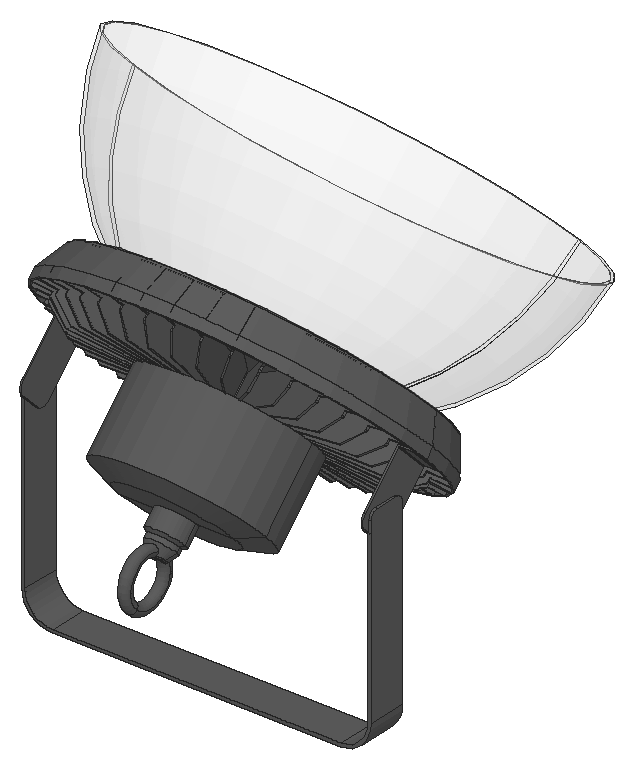
Revit family "0039367+0039355+0039361 Sylvania Lighting Fixture START HighBay IP65 DALI 26000lm 840 WB with BRACKET and PC LAMPSHADE TRANSPARENT FOR 26KLM", category Lighting Fixtures, host Face, Revit 2016
Family settings
  Host = Face
  Part Type = Normal
  Round Connector Dimension = Use Diameter
  OmniClass Number = 23.80.70.00
  OmniClass Title = Lighting
  Cut with Voids When Loaded = No
  Light Source = No
  Shared = No
  Room Calculation Point = No
Parameters (values of type "0039367+0039355+0039361  START HighBay IP65 DALI 26000lm 840 WB with BRACKET and PC LAMPSHADE TRANSPARENT FOR 26KLM")
  Weight = "3.7 kg"
  Wattage Comments = ""
  WarrantyStartDate [instance] = "n/a"
  WarrantyGuarantorParts = "n/a"
  WarrantyDurationUnit = "n/a"
  WarrantyDurationParts = "n/a"
  WarrantyDescription = "n/a"
  Voltage = 0 V
  URL = "http://www.sylvania-lighting.com"
  TypeName = "START HighBay IP65 DALI 26000lm 840 WB with BRACKET and PC LAMPSHADE TRANSPARENT FOR 26KLM"
  TypeHead_FEILO = Start LED Highbay DALI Head : 0039367+0039355+0039361 START HighBay IP65 DALI 26000lm 840 WB with BRACKET and PC LAMPSHADE TRANSPARENT FOR 26KLM
  Type Image = <None>
  Type Comments = "n/a"
  TiltAngle_FEILO [instance] = 45.00°
  ThicknessBracketPlate_FEILO = 3 mm
  SizeBracketS_FEILO = no
  SizeBracketM_FEILO = no
  SerialNumber [instance] = "n/a"
  RadiusBracketTop_FEILO = 7 mm
  RadiusBendOut_FEILO = if(SizeBracketS_FEILO, 18 mm, if(SizeBracketM_FEILO, 24 mm, 28 mm))  # 28 mm
  RadiusBendIn_FEILO = RadiusBendOut_FEILO - ThicknessBracketPlate_FEILO  # 25 mm
  Material_3_FEILO = none
  PowerFactor = 0.95
  PowerConsumption = "190 W"
  NominalLength = 339 mm
  NominalHeight = 189 mm
  NominalDepth = 339 mm
  Name = "START HighBay IP65 DALI 26000lm 840 WB with BRACKET and PC LAMPSHADE TRANSPARENT FOR 26KLM"
  ModelReference = Name  # "START HighBay IP65 DALI 26000lm 840 WB with BRACKET and PC LAMPSHADE TRANSPARENT FOR 26KLM"
  ModelNumber = "0039367+0039355+0039361"
  Model = Name  # "START HighBay IP65 DALI 26000lm 840 WB with BRACKET and PC LAMPSHADE TRANSPARENT FOR 26KLM"
  Material = "aluminium alloy housing, polycarbonate diffuser"
  ManufacturerName = "Feilo Sylvania"
  Manufacturer = "Feilo Sylvania"
  LuminousEfficacy = "130 lm/W"
  LuminaireType = ""
  LightOutputRatio = "n/a"
  LampsType = Lamp  # "LED"
  LampNominalLuminous = "24700 lm"
  LampMacAdamStep = "6"
  LampColourTemperature = "6500 K"
  LampColourRenderingIndex = "80"
  Lamp = "LED"
  Keynote = "16500"
  InstallationDate [instance] = "n/a"
  InputVoltage = "n/a"
  InputNominalFrequency = "50/60 Hz"
  IngressProtection = "IP65"
  ImpactProtectionIndex = "IK08"
  IfcExportType = "IfcLightFixtureType"
  IfcExportAs = "IfcLightFixtureType"
  ExpectedLife = 50000
  EndAngle_FEILO [instance] = TiltAngle_FEILO + 180.00°  # 225.00°
  ElectricShockClassification = "Class I"
  DurationUnit = "hours"
  DocumentationLiterature = "http://www.sylvania-lighting.com/product/en-int/products/0039367"
  DimmingControlOptions = "Dimmable"
  Material_2_FEILO = none
  Description = "START Highbay, includes 1 m cables, black aluminium housing, 24,700 Lm, 190 W, 130 Lm/W, 6500 K, drive current: 4100 mA, CRI 80, 90° beam angle, DALI dimmable, IP65, IK08, 50,000 hrs (L80/B50), (D x H) 339 x 189 mm."
  Default Elevation = 1219.2 mm
  CreatedOn = "5/15/2018"
  CreatedBy = "aron.fodor@sylvania-lighting.com"
  Cost = 0
  built-in parameter 1114216 [instance] = (empty or 0)
  ClassificationValue = "EF_70_80"
  ClassificationName = "Uniclass2015"
  Material_1_FEILO = Body-Sylvania-StartHighbay-Black
  BracketHeight_FEILO = if(SizeBracketS_FEILO, 199.5 mm, if(SizeBracketM_FEILO, 209.6 mm, 201.3 mm))  # 201.3 mm
  BracketDistanceInner_FEILO = if(SizeBracketS_FEILO, 249.4 mm, if(SizeBracketM_FEILO, 273.6 mm, 313.2 mm))  # 313.2 mm
  BarCode [instance] = "n/a"
  AssetType = "Fixed"
  AssetIdentifier [instance] = "n/a"
  Assembly Code = "D5020200"
  Apparent Load = 190 VA
  Material_4_FEILO = none
Reference planes
  plane 1 "Center (Front/Back)": y = 0
  plane 2: z = 0
  plane 3 "Center (Left/Right)": x = 0
  plane 4: x = -159.6
  plane 5: x = 159.6
  plane 6: z = 201.3
  plane 7: x = -156.6
  plane 8: z = 3
  plane 9: x = 156.6
  plane 10: y = 17.5
  plane 11: y = -17.5
  plane 12: y = -19.5
  plane 13: z = 203.3
  plane 14: y = 19.5
  plane 15: z = 192.3
Forms (mm)
  Extrusion 1, solid, material "Body-Sylvania-StartHighbay-Black" <- "Material_1_FEILO"
    sketch origin (0, 0, 0) x (1, 0, 0) y (0, 0, 1)
      loop
        line (-159.6, 201.3) -> (-159.6, 28)
        arc (-159.6, 28) -> (-151.399, 8.201) -> (-131.6, 0) r 28
        line (-131.6, 0) -> (131.6, 0)
        arc (131.6, 0) -> (151.399, 8.201) -> (159.6, 28) r 28
        line (159.6, 28) -> (159.6, 201.3) -> (156.6, 201.3) -> (156.6, 28)
        arc (156.6, 28) -> (149.278, 10.322) -> (131.6, 3) r 25
        line (131.6, 3) -> (-131.6, 3)
        arc (-131.6, 3) -> (-149.278, 10.322) -> (-156.6, 28) r 25
        line (-156.6, 28) -> (-156.6, 201.3) -> (-159.6, 201.3)
    from -17.5 to 17.5
  Extrusion 2, void
    sketch origin (0, 0, 0) x (0, 1, 0) y (0, 0, 1)
      loop
        arc (10.5, 201.3) -> (15.45, 199.25) -> (17.5, 194.3) r 7
        line (17.5, 194.3) -> (19.5, 194.3) -> (19.5, 203.3) -> (-19.5, 203.3) -> (-19.5, 194.3) -> (-17.5, 194.3)
        arc (-17.5, 194.3) -> (-15.45, 199.25) -> (-10.5, 201.3) r 7
        line (-10.5, 201.3) -> (10.5, 201.3)
    from -159.6 to 159.6
  Revolve 3, solid, not visible
    sketch origin (1223.4, -4572, 192.3) x (0, -1, 0) y (1, 0, 0)
      loop
        line (-4572, -1223.4) -> (-4591.5, -1223.4) -> (-4591.5, -1277.783) -> (-4572, -1277.783) -> (-4572, -1223.4)
      axis (-4572, -1223.4) -> (-4572, -1277.783)
    angle from 45 <- "TiltAngle_FEILO" to 225 <- "EndAngle_FEILO"
Cuts and joins
  Extrusion 2 cuts Extrusion 1
Dimensions and locks
  "BracketHeight_FEILO": plane 6 to plane 2
  equal spacing: plane 11, plane 1 "Center (Front/Back)", plane 10
  locked: plane 11 to plane 10 at 35
  equal spacing: plane 9, plane 3 "Center (Left/Right)", plane 7
  "BracketDistanceInner_FEILO": plane 9 to plane 7
  "ThicknessBracketPlate_FEILO": plane 7 to plane 4
  "ThicknessBracketPlate_FEILO": plane 8 to plane 2
  equal spacing: plane 5, plane 3 "Center (Left/Right)", plane 4
  equal spacing: plane 12, plane 1 "Center (Front/Back)", plane 14
  locked: plane 6 to plane 13 at 2
  locked: plane 12 to plane 11 at 2
  locked: plane 6 to plane 15 at 9
  "RadiusBendOut_FEILO": radius of Extrusion 1 sketch curve  (x2)
  "RadiusBendIn_FEILO": radius of Extrusion 1 sketch curve  (x2)
  "RadiusBracketTop_FEILO": radius of Extrusion 2 sketch curve  (x2)
  aligned and locked: plane 2 to host face
  aligned and locked: level to host face
  aligned and locked: Extrusion 1 sketch curve to plane 4
  aligned and locked: Extrusion 1 sketch curve to level
  aligned and locked: plane 6 to Extrusion 1 sketch curve
  aligned and locked: Extrusion 1 sketch curve to plane 6
  aligned and locked: Extrusion 1 sketch curve to plane 7
  aligned and locked: plane 9 to Extrusion 1 sketch curve
  aligned and locked: plane 8 to Extrusion 1 sketch curve
  aligned and locked: Extrusion 1 to plane 10
  aligned and locked: plane 11 to Extrusion 1
  aligned and locked: Extrusion 1 to Extrusion 2 sketch curve
  aligned and locked: plane 14 to Extrusion 2 sketch curve  (x2)
  aligned and locked: Extrusion 2 sketch curve to plane 12
  aligned and locked: plane 13 to Extrusion 2 sketch curve
  aligned and locked: plane 5 to Extrusion 2
  aligned and locked: Extrusion 2 to plane 4
  aligned and locked: Revolve 3 sketch curve to plane 1 "Center (Front/Back)"
  aligned and locked: Revolve 3 sketch curve to Revolve 3 sketch curve
  aligned and locked: plane 3 "Center (Left/Right)" to Revolve 3 sketch curve
  aligned and locked: Revolve 3 sketch curve to plane 14
  aligned and locked: nested 1 to plane 3 "Center (Left/Right)"
Automatic sketch dimensions
  host sketch curve to host sketch curve = 2438.4 mm  (x2)
  Revolve 3 sketch curve to Revolve 3 sketch curve = 54.383 mm
  Revolve 3 sketch curve to plane 4 = 1396.3 mm
  plane 5 to Revolve 3 sketch curve = 1396.3 mm
  Extrusion 1 sketch curve to Extrusion 1 sketch curve = 0 mm
  Extrusion 2 sketch curve to plane 11 = 0 mm
  Extrusion 2 sketch curve to plane 10 = 0 mm
Nested families
  nested 1: "Start LED Highbay DALI Head" at (0, 0, 192.3) x (-1, 0, 0) z (0, 0.7071, 0.7071), type <- "TypeHead_FEILO", type "0039367+0039355+0039361 START HighBay IP65 DALI 26000lm 840 WB with BRACKET and PC LAMPSHADE TRANSPARENT FOR 26KLM"
    with built-in parameter 1114216 (empty or 0)
Connectors
  electrical at (0, 0, 0), driven by "Apparent Load", driven by "PowerFactor", driven by "Voltage"
    settings: index 1, voltage 0 V, apparent load 190 VA, apparent load phase1 0 VA, apparent load phase2 0 VA, apparent load phase3 0 VA, power factor 0.95, load classification "Lighting", number of poles 1, system type 30, power factor state 1, is connector primary yes, connector utility no, sub classification motor no, connector description ""
Definition of nested family "Start LED Highbay DALI Head"
  Parameters (values of type "0039367+0039355+0039361 START HighBay IP65 DALI 26000lm 840 WB with BRACKET and PC LAMPSHADE TRANSPARENT FOR 26KLM")
    X_FEILO = if(SizeS_FEILO, 60.3 mm, if(SizeM_FEILO, 70.4 mm, 83.5 mm))  # 83.5 mm
    WidthStraight_FEILO = if(SizeS_FEILO, 3 mm, if(SizeM_FEILO, 4 mm, 4.7 mm))  # 4.7 mm
    WidthRingChamfer_FEILO = if(SizeS_FEILO, 10.3 mm, if(SizeM_FEILO, 11.2 mm, 12.9 mm))  # 12.9 mm
    WidthCurved_FEILO = if(SizeS_FEILO, 17.4 mm, if(SizeM_FEILO, 16.4 mm, 26.2 mm))  # 26.2 mm
    WidthCurvedRing_FEILO = if(SizeS_FEILO, 3 mm, if(SizeM_FEILO, 4 mm, 4.7 mm))  # 4.7 mm
    WidthBracket_FEILO = 40 mm
    Wattage Comments = ""
    Wattage = 190 W
    built-in parameter 1150110 = 1 (stored number, unit not read)
    URL = "http://www.sylvania-lighting.com"
    Type Image = (empty or 0)
    Type Comments = "n/a"
    built-in parameter 1114217 = 1 (stored number, unit not read)
    Tilt Angle = -90.00°
    ThicknessWall_FEILO = 1.5 mm
    ThicknessBracket_FEILO = 1.5 mm
    ThicknessBracketHalf_FEILO = ThicknessBracket_FEILO / 2  # 0.75 mm
    built-in parameter 1150109 = 1 (stored number, unit not read)
    built-in parameter 1150134 = 1
    built-in parameter 1150113 = 1 (stored number, unit not read)
    SizeS_FEILO = no
    SizeM_FEILO = no
    ShadeThickness_FEILO = 3 mm
    ShadeSizeSM_FEILO = or(SizeS_FEILO, SizeM_FEILO)  # no
    ShadeRadiusOut_FEILO = 205 mm
    ShadeRadiusIn_FEILO = if(ShadeSizeSM_FEILO, 95 mm, 121 mm)  # 121 mm
    ShadeRadiusBend_FEILO = if(ShadeSizeSM_FEILO, 210 mm, 210 mm)  # 210 mm
    ShadeOn_FEILO = yes
    ShadeHeight_FEILO = if(ShadeSizeSM_FEILO, 120 mm, 151 mm)  # 151 mm
    Rib4_FEILO = if(SizeS_FEILO, 18.1 mm, if(SizeM_FEILO, 13.6 mm, 14.6 mm))  # 14.6 mm
    Rib3_FEILO = if(SizeS_FEILO, 15.3 mm, if(SizeM_FEILO, 17.6 mm, 20.2 mm))  # 20.2 mm
    Rib2_FEILO = if(SizeS_FEILO, 3.6 mm, if(SizeM_FEILO, 3.9 mm, 4.5 mm))  # 4.5 mm
    Rib1_FEILO = if(SizeS_FEILO, 15.1 mm, if(SizeM_FEILO, 16.5 mm, 19 mm))  # 19 mm
    RadiusDiffuser_FEILO = if(SizeS_FEILO, 95.2 mm, if(SizeM_FEILO, 105.3 mm, 120 mm))  # 120 mm
    RadiusArrayPost_FEILO = DriverRadius_FEILO - 6 mm  # 70.4 mm
    RHRadius3_FEILO = if(SizeS_FEILO, 6.6 mm, if(SizeM_FEILO, 7.4 mm, 8.6 mm))  # 8.6 mm
    RHRadius2_FEILO = if(SizeS_FEILO, 11 mm, if(SizeM_FEILO, 12 mm, 14 mm))  # 14 mm
    RHRadius1_FEILO = if(SizeS_FEILO, 13.6 mm, if(SizeM_FEILO, 14.9 mm, 17.7 mm))  # 17.7 mm
    RHHeight4_FEILO = if(SizeS_FEILO, 7.3 mm, if(SizeM_FEILO, 8 mm, 9.2 mm))  # 9.2 mm
    RHHeight3_FEILO = if(SizeS_FEILO, 3.6 mm, if(SizeM_FEILO, 3.7 mm, 4.6 mm))  # 4.6 mm
    RHHeight2_FEILO = if(SizeS_FEILO, 2 mm, if(SizeM_FEILO, 2.2 mm, 2.6 mm))  # 2.6 mm
    RHHeight1_FEILO = if(SizeS_FEILO, 11.8 mm, if(SizeM_FEILO, 15.3 mm, 17.4 mm))  # 17.4 mm
    Photometric Web File = "0039367+0039361.ies"
    Material_5_FEILO = none
    Material_3_FEILO = none
    Model = "START HighBay IP65 DALI 26000lm 840 WB with BRACKET and PC LAMPSHADE TRANSPARENT FOR 26KLM"
    Manufacturer = "Feilo Sylvania"
    built-in parameter 1150105 = 33385.3 (stored number, unit not read)
    Lumens = 24700 lm
    built-in parameter 1150115 = 1 (stored number, unit not read)
    built-in parameter 1150137 = (empty or 0)
    built-in parameter 1150139 = (empty or 0)
    built-in parameter 1150112 = 1 (stored number, unit not read)
    built-in parameter 1150114 = 1 (stored number, unit not read)
    Lamp = "LED"
    Keynote = "16500"
    built-in parameter 1150132 = (empty or 0)
    built-in parameter 1150102 = (empty or 0)
    built-in parameter 1150107 = 6500 (stored number, unit not read)
    built-in parameter 1150138 = (empty or 0)
    built-in parameter 1150106 = 333.85 (stored number, unit not read)
    HeightRing_FEILO = if(SizeS_FEILO, 19.8 mm, if(SizeM_FEILO, 32 mm, 36.8 mm))  # 36.8 mm
    HeightRingChamfer_FEILO = if(SizeS_FEILO, 11.7 mm, if(SizeM_FEILO, 23.2 mm, 26.6 mm))  # 26.6 mm
    EyeThickness_FEILO = if(SizeS_FEILO, 8.4 mm, if(SizeM_FEILO, 9.2 mm, 10.5 mm))  # 10.5 mm
    EyeThicknessHalf_FEILO = EyeThickness_FEILO / 2  # 5.25 mm
    EyeInner_FEILO = if(SizeS_FEILO, 13.8 mm, if(SizeM_FEILO, 15.1 mm, 17.3 mm))  # 17.3 mm
    Emit from Circle Diameter = RadiusDiffuser_FEILO * 2  # 240 mm
    Emit Shape Visible in Rendering = no
    built-in parameter 1150104 = 12.077 (stored number, unit not read)
    DriverVerticalStraight_FEILO = if(SizeS_FEILO, 46.5 mm, if(SizeM_FEILO, 49.7 mm, 57 mm))  # 57 mm
    DriverVerticalChamfer_FEILO = if(SizeS_FEILO, 7.5 mm, if(SizeM_FEILO, 8.2 mm, 9.5 mm))  # 9.5 mm
    DriverRadius_FEILO = if(SizeS_FEILO, 61.4 mm, if(SizeM_FEILO, 67.2 mm, 76.4 mm))  # 76.4 mm
    DriverRadiusTop_FEILO = if(SizeS_FEILO, 42 mm, if(SizeM_FEILO, 45.3 mm, 52.4 mm))  # 52.4 mm
    DriverBottom_FEILO = if(SizeS_FEILO, 56 mm, if(SizeM_FEILO, 64.5 mm, 74 mm))  # 74 mm
    Material_2_FEILO = none
    Radius_FEILO = if(SizeS_FEILO, 135 mm, if(SizeM_FEILO, 148 mm, 169.5 mm))  # 169.5 mm
    Dimming Lamp Color Temperature Shift = (empty or 0)
    DiameterWire_FEILO = 3 mm
    DiameterWireSupport_FEILO = 10 mm
    Description = "START Highbay, includes 1 m cables, black aluminium housing, 24,700 Lm, 190 W, 130 Lm/W, 6500 K, drive current: 4100 mA, CRI 80, 90° beam angle, DALI dimmable, IP65, IK08, 50,000 hrs (L80/B50), (D x H) 339 x 189 mm."
    Default Elevation = 1219.2 mm
    Cost = 0
    Color Filter = 16777215
    built-in parameter 1114216 [instance] = (empty or 0)
    Material_1_FEILO = none
    built-in parameter 1114218 = 1 (stored number, unit not read)
    built-in parameter 1150133 = 10 (stored number, unit not read)
    Assembly Code = "D5020200"
    Apparent Load = 190 VA
    Material_4_FEILO = none
  Types (24, lengths in mm): name | X_FEILO | WidthStraight_FEILO | WidthRingChamfer_FEILO | WidthCurved_FEILO | WidthCurvedRing_FEILO | Wattage | built-in parameter 1150134 | SizeS_FEILO | SizeM_FEILO | ShadeSizeSM_FEILO | ShadeRadiusIn_FEILO | ShadeOn_FEILO | ShadeHeight_FEILO | Rib4_FEILO | Rib3_FEILO | Rib2_FEILO | Rib1_FEILO | RadiusDiffuser_FEILO | RadiusArrayPost_FEILO | RHRadius3_FEILO | RHRadius2_FEILO | RHRadius1_FEILO | RHHeight4_FEILO | RHHeight3_FEILO | RHHeight2_FEILO | RHHeight1_FEILO | Photometric Web File | Model | built-in parameter 1150105 | Lumens | built-in parameter 1150107 | built-in parameter 1150106 | HeightRing_FEILO | HeightRingChamfer_FEILO | EyeThickness_FEILO | EyeThicknessHalf_FEILO | EyeInner_FEILO | Emit from Circle Diameter | DriverVerticalStraight_FEILO | DriverVerticalChamfer_FEILO | DriverRadius_FEILO | DriverRadiusTop_FEILO | DriverBottom_FEILO | Radius_FEILO | Description | Apparent Load
    0039367+0039355+0039361 START HighBay IP65 DALI 26000lm 840 WB with BRACKET and PC LAMPSHADE TRANSPARENT FOR 26KLM | 83.5 | 4.7 | 12.9 | 26.2 | 4.7 | 190 W | 1 | no | no | no | 121 | yes | 151 | 14.6 | 20.2 | 4.5 | 19 | 120 | 70.4 | 8.6 | 14 | 17.7 | 9.2 | 4.6 | 2.6 | 17.4 | "0039367+0039361.ies" | "START HighBay IP65 DALI 26000lm 840 WB with BRACKET and PC LAMPSHADE TRANSPARENT FOR 26KLM" | 33385.3 (stored number, unit not read) | 24700 lm | 6500 (stored number, unit not read) | 333.85 (stored number, unit not read) | 36.8 | 26.6 | 10.5 | 5.25 | 17.3 | 240 | 57 | 9.5 | 76.4 | 52.4 | 74 | 169.5 | "START Highbay, includes 1 m cables, black aluminium housing, 24,700 Lm, 190 W, 130 Lm/W, 6500 K, drive current: 4100 mA, CRI 80, 90° beam angle, DALI dimmable, IP65, IK08, 50,000 hrs (L80/B50), (D x H) 339 x 189 mm." | 190 VA
    0039367+0039355+0039360 START HighBay IP65 DALI 26000lm 840 WB with BRACKET and ALU SHADE BLACK COLOR FOR 26KLM | 83.5 | 4.7 | 12.9 | 26.2 | 4.7 | 190 W | 1 | no | no | no | 121 | yes | 151 | 14.6 | 20.2 | 4.5 | 19 | 120 | 70.4 | 8.6 | 14 | 17.7 | 9.2 | 4.6 | 2.6 | 17.4 | "0039367+0039360.ies" | "START HighBay IP65 DALI 26000lm 840 WB with BRACKET and ALU SHADE BLACK COLOR FOR 26KLM" | 33569.2 (stored number, unit not read) | 24700 lm | 6500 (stored number, unit not read) | 335.69 (stored number, unit not read) | 36.8 | 26.6 | 10.5 | 5.25 | 17.3 | 240 | 57 | 9.5 | 76.4 | 52.4 | 74 | 169.5 | "START Highbay, includes 1 m cables, black aluminium housing, 24,700 Lm, 190 W, 130 Lm/W, 6500 K, drive current: 4100 mA, CRI 80, 90° beam angle, DALI dimmable, IP65, IK08, 50,000 hrs (L80/B50), (D x H) 339 x 189 mm." | 190 VA
    0039367+0039355+0039359 START HighBay IP65 DALI 26000lm 840 WB with BRACKET and ALU SHADE ALU COLOR FOR 26KLM | 83.5 | 4.7 | 12.9 | 26.2 | 4.7 | 190 W | 1 | no | no | no | 121 | yes | 151 | 14.6 | 20.2 | 4.5 | 19 | 120 | 70.4 | 8.6 | 14 | 17.7 | 9.2 | 4.6 | 2.6 | 17.4 | "0039367+0039359.ies" | "START HighBay IP65 DALI 26000lm 840 WB with BRACKET and ALU SHADE ALU COLOR FOR 26KLM" | 33569.2 (stored number, unit not read) | 24700 lm | 6500 (stored number, unit not read) | 335.69 (stored number, unit not read) | 36.8 | 26.6 | 10.5 | 5.25 | 17.3 | 240 | 57 | 9.5 | 76.4 | 52.4 | 74 | 169.5 | "START Highbay, includes 1 m cables, black aluminium housing, 24,700 Lm, 190 W, 130 Lm/W, 6500 K, drive current: 4100 mA, CRI 80, 90° beam angle, DALI dimmable, IP65, IK08, 50,000 hrs (L80/B50), (D x H) 339 x 189 mm." | 190 VA
    0039367+0039355 START HighBay IP65 DALI 26000lm 840 WB with BRACKET | 83.5 | 4.7 | 12.9 | 26.2 | 4.7 | 190 W | 1 | no | no | no | 121 | no | 151 | 14.6 | 20.2 | 4.5 | 19 | 120 | 70.4 | 8.6 | 14 | 17.7 | 9.2 | 4.6 | 2.6 | 17.4 | "0039367.ies" | "START HighBay IP65 DALI 26000lm 840 WB with BRACKET" | 13532 (stored number, unit not read) | 24700 lm | 6500 (stored number, unit not read) | 135.32 (stored number, unit not read) | 36.8 | 26.6 | 10.5 | 5.25 | 17.3 | 240 | 57 | 9.5 | 76.4 | 52.4 | 74 | 169.5 | "START Highbay, includes 1 m cables, black aluminium housing, 24,700 Lm, 190 W, 130 Lm/W, 6500 K, drive current: 4100 mA, CRI 80, 90° beam angle, DALI dimmable, IP65, IK08, 50,000 hrs (L80/B50), (D x H) 339 x 189 mm." | 190 VA
    0039366+0039354+0039358 START HighBay IP65 DALI 19000lm 840 WB with BRACKET and PC LAMPSHADE TRANSPARENT 13/19KLM | 70.4 | 4 | 11.2 | 16.4 | 4 | 150 W | 1 | no | yes | yes | 95 | yes | 120 | 13.6 | 17.6 | 3.9 | 16.5 | 105.3 | 61.2 | 7.4 | 12 | 14.9 | 8 | 3.7 | 2.2 | 15.3 | "0039366+0039358.ies" | "START HighBay IP65 DALI 19000lm 840 WB with BRACKET and PC LAMPSHADE TRANSPARENT 13/19KLM" | 26356.9 (stored number, unit not read) | 19500 lm | 6500 (stored number, unit not read) | 263.57 (stored number, unit not read) | 32 | 23.2 | 9.2 | 4.6 | 15.1 | 210.6 | 49.7 | 8.2 | 67.2 | 45.3 | 64.5 | 148 | "START Highbay, includes 1 m cables, black aluminium housing, 19,500 Lm, 150 W, 130 Lm/W, 6500 K, drive current: 3300 mA, CRI 80, 90° beam angle, DALI dimmable, IP65, IK08, 50,000 hrs (L80/B50), (D x H) 296 x 172 mm." | 150 VA
    0039366+0039354+0039357 START HighBay IP65 DALI 19000lm 840 WB with BRACKET and ALU SHADE BLACK COLOR FOR 13/19KLM | 70.4 | 4 | 11.2 | 16.4 | 4 | 150 W | 1 | no | yes | yes | 95 | yes | 120 | 13.6 | 17.6 | 3.9 | 16.5 | 105.3 | 61.2 | 7.4 | 12 | 14.9 | 8 | 3.7 | 2.2 | 15.3 | "0039366+0039357.ies" | "START HighBay IP65 DALI 19000lm 840 WB with BRACKET and ALU SHADE BLACK COLOR FOR 13/19KLM" | 26502 (stored number, unit not read) | 19500 lm | 6500 (stored number, unit not read) | 265.02 (stored number, unit not read) | 32 | 23.2 | 9.2 | 4.6 | 15.1 | 210.6 | 49.7 | 8.2 | 67.2 | 45.3 | 64.5 | 148 | "START Highbay, includes 1 m cables, black aluminium housing, 19,500 Lm, 150 W, 130 Lm/W, 6500 K, drive current: 3300 mA, CRI 80, 90° beam angle, DALI dimmable, IP65, IK08, 50,000 hrs (L80/B50), (D x H) 296 x 172 mm." | 150 VA
    0039366+0039354+0039356 START HighBay IP65 DALI 19000lm 840 WB with BRACKET and ALU SHADE ALU COLOR FOR 13/19KLM | 70.4 | 4 | 11.2 | 16.4 | 4 | 150 W | 1 | no | yes | yes | 95 | yes | 120 | 13.6 | 17.6 | 3.9 | 16.5 | 105.3 | 61.2 | 7.4 | 12 | 14.9 | 8 | 3.7 | 2.2 | 15.3 | "0039366+0039356.ies" | "START HighBay IP65 DALI 19000lm 840 WB with BRACKET and ALU SHADE ALU COLOR FOR 13/19KLM" | 26502 (stored number, unit not read) | 19500 lm | 6500 (stored number, unit not read) | 265.02 (stored number, unit not read) | 32 | 23.2 | 9.2 | 4.6 | 15.1 | 210.6 | 49.7 | 8.2 | 67.2 | 45.3 | 64.5 | 148 | "START Highbay, includes 1 m cables, black aluminium housing, 19,500 Lm, 150 W, 130 Lm/W, 6500 K, drive current: 3300 mA, CRI 80, 90° beam angle, DALI dimmable, IP65, IK08, 50,000 hrs (L80/B50), (D x H) 296 x 172 mm." | 150 VA
    0039366+0039354 START HighBay IP65 DALI 19000lm 840 WB with BRACKET | 70.4 | 4 | 11.2 | 16.4 | 4 | 150 W | 1 | no | yes | yes | 95 | no | 120 | 13.6 | 17.6 | 3.9 | 16.5 | 105.3 | 61.2 | 7.4 | 12 | 14.9 | 8 | 3.7 | 2.2 | 15.3 | "0039366.ies" | "START HighBay IP65 DALI 19000lm 840 WB with BRACKET" | 10981.5 (stored number, unit not read) | 19500 lm | 6500 (stored number, unit not read) | 109.82 (stored number, unit not read) | 32 | 23.2 | 9.2 | 4.6 | 15.1 | 210.6 | 49.7 | 8.2 | 67.2 | 45.3 | 64.5 | 148 | "START Highbay, includes 1 m cables, black aluminium housing, 19,500 Lm, 150 W, 130 Lm/W, 6500 K, drive current: 3300 mA, CRI 80, 90° beam angle, DALI dimmable, IP65, IK08, 50,000 hrs (L80/B50), (D x H) 296 x 172 mm." | 150 VA
    0039365+0039353+0039358 START HighBay IP65 DALI 13000lm 840 WB with BRACKET and PC LAMPSHADE TRANSPARENT 13/19KLM | 60.3 | 3 | 10.3 | 17.4 | 3 | 90 W | 1 | yes | no | yes | 95 | yes | 120 | 18.1 | 15.3 | 3.6 | 15.1 | 95.2 | 55.4 | 6.6 | 11 | 13.6 | 7.3 | 3.6 | 2 | 11.8 | "0039365+0039358.ies" | "START HighBay IP65 DALI 13000lm 840 WB with BRACKET and PC LAMPSHADE TRANSPARENT 13/19KLM" | 15814.1 (stored number, unit not read) | 11700 lm | 6500 (stored number, unit not read) | 158.14 (stored number, unit not read) | 19.8 | 11.7 | 8.4 | 4.2 | 13.8 | 190.4 | 46.5 | 7.5 | 61.4 | 42 | 56 | 135 | "START Highbay, includes 1 m cables, black aluminium housing, 11,700 Lm, 90 W, 130 Lm/W, 6500 K, drive current: 2000 mA, CRI 80, 90° beam angle, DALI dimmable, IP65, IK08, 50,000 hrs (L80/B50), (D x H) 270 x 175 mm." | 90 VA
    0039365+0039353+0039357 START HighBay IP65 DALI 13000lm 840 WB with BRACKET and ALU SHADE BLACK COLOR FOR 13/19KLM | 60.3 | 3 | 10.3 | 17.4 | 3 | 90 W | 1 | yes | no | yes | 95 | yes | 120 | 18.1 | 15.3 | 3.6 | 15.1 | 95.2 | 55.4 | 6.6 | 11 | 13.6 | 7.3 | 3.6 | 2 | 11.8 | "0039365+0039357.ies" | "START HighBay IP65 DALI 13000lm 840 WB with BRACKET and ALU SHADE BLACK COLOR FOR 13/19KLM" | 15901.2 (stored number, unit not read) | 11700 lm | 6500 (stored number, unit not read) | 159.01 (stored number, unit not read) | 19.8 | 11.7 | 8.4 | 4.2 | 13.8 | 190.4 | 46.5 | 7.5 | 61.4 | 42 | 56 | 135 | "START Highbay, includes 1 m cables, black aluminium housing, 11,700 Lm, 90 W, 130 Lm/W, 6500 K, drive current: 2000 mA, CRI 80, 90° beam angle, DALI dimmable, IP65, IK08, 50,000 hrs (L80/B50), (D x H) 270 x 175 mm." | 90 VA
    0039365+0039353+0039356 START HighBay IP65 DALI 13000lm 840 WB with BRACKET and ALU SHADE ALU COLOR FOR 13/19KLM | 60.3 | 3 | 10.3 | 17.4 | 3 | 90 W | 1 | yes | no | yes | 95 | yes | 120 | 18.1 | 15.3 | 3.6 | 15.1 | 95.2 | 55.4 | 6.6 | 11 | 13.6 | 7.3 | 3.6 | 2 | 11.8 | "0039365+0039356.ies" | "START HighBay IP65 DALI 13000lm 840 WB with BRACKET and ALU SHADE ALU COLOR FOR 13/19KLM" | 15901.2 (stored number, unit not read) | 11700 lm | 6500 (stored number, unit not read) | 159.01 (stored number, unit not read) | 19.8 | 11.7 | 8.4 | 4.2 | 13.8 | 190.4 | 46.5 | 7.5 | 61.4 | 42 | 56 | 135 | "START Highbay, includes 1 m cables, black aluminium housing, 11,700 Lm, 90 W, 130 Lm/W, 6500 K, drive current: 2000 mA, CRI 80, 90° beam angle, DALI dimmable, IP65, IK08, 50,000 hrs (L80/B50), (D x H) 270 x 175 mm." | 90 VA
    0039365+0039353 START HighBay IP65 DALI 13000lm 840 WB with BRACKET | 60.3 | 3 | 10.3 | 17.4 | 3 | 90 W | 1 | yes | no | yes | 95 | no | 120 | 18.1 | 15.3 | 3.6 | 15.1 | 95.2 | 55.4 | 6.6 | 11 | 13.6 | 7.3 | 3.6 | 2 | 11.8 | "0039365.ies" | "START HighBay IP65 DALI 13000lm 840 WB with BRACKET" | 6365.5 (stored number, unit not read) | 11700 lm | 6500 (stored number, unit not read) | 63.655 (stored number, unit not read) | 19.8 | 11.7 | 8.4 | 4.2 | 13.8 | 190.4 | 46.5 | 7.5 | 61.4 | 42 | 56 | 135 | "START Highbay, includes 1 m cables, black aluminium housing, 11,700 Lm, 90 W, 130 Lm/W, 6500 K, drive current: 2000 mA, CRI 80, 90° beam angle, DALI dimmable, IP65, IK08, 50,000 hrs (L80/B50), (D x H) 270 x 175 mm." | 90 VA
    0039364+0039355+0039361 START HighBay IP65 DALI 26000lm 840 MB with BRACKET and PC LAMPSHADE TRANSPARENT FOR 26KLM | 83.5 | 4.7 | 12.9 | 26.2 | 4.7 | 190 W | 12 | no | no | no | 121 | yes | 151 | 14.6 | 20.2 | 4.5 | 19 | 120 | 70.4 | 8.6 | 14 | 17.7 | 9.2 | 4.6 | 2.6 | 17.4 | "0039364+0039361.ies" | "START HighBay IP65 DALI 26000lm 840 MB with BRACKET and PC LAMPSHADE TRANSPARENT FOR 26KLM" | 33385.3 (stored number, unit not read) | 24700 lm | 4000 (stored number, unit not read) | 333.85 (stored number, unit not read) | 36.8 | 26.6 | 10.5 | 5.25 | 17.3 | 240 | 57 | 9.5 | 76.4 | 52.4 | 74 | 169.5 | "START Highbay, includes 1 m cables, black aluminium housing, 24,700 Lm, 190 W, 130 Lm/W, 4000 K, drive current: 4100 mA, CRI 80, 60° beam angle, DALI dimmable, IP65, IK08, 50,000 hrs (L80/B50), (D x H) 339 x 189 mm." | 190 VA
    0039364+0039355+0039360 START HighBay IP65 DALI 26000lm 840 MB with BRACKET and ALU SHADE BLACK COLOR FOR 26KLM | 83.5 | 4.7 | 12.9 | 26.2 | 4.7 | 190 W | 12 | no | no | no | 121 | yes | 151 | 14.6 | 20.2 | 4.5 | 19 | 120 | 70.4 | 8.6 | 14 | 17.7 | 9.2 | 4.6 | 2.6 | 17.4 | "0039364+0039360.ies" | "START HighBay IP65 DALI 26000lm 840 MB with BRACKET and ALU SHADE BLACK COLOR FOR 26KLM" | 33569.2 (stored number, unit not read) | 24700 lm | 4000 (stored number, unit not read) | 335.69 (stored number, unit not read) | 36.8 | 26.6 | 10.5 | 5.25 | 17.3 | 240 | 57 | 9.5 | 76.4 | 52.4 | 74 | 169.5 | "START Highbay, includes 1 m cables, black aluminium housing, 24,700 Lm, 190 W, 130 Lm/W, 4000 K, drive current: 4100 mA, CRI 80, 60° beam angle, DALI dimmable, IP65, IK08, 50,000 hrs (L80/B50), (D x H) 339 x 189 mm." | 190 VA
    0039364+0039355+0039359 START HighBay IP65 DALI 26000lm 840 MB with BRACKET and ALU SHADE ALU COLOR FOR 26KLM | 83.5 | 4.7 | 12.9 | 26.2 | 4.7 | 190 W | 12 | no | no | no | 121 | yes | 151 | 14.6 | 20.2 | 4.5 | 19 | 120 | 70.4 | 8.6 | 14 | 17.7 | 9.2 | 4.6 | 2.6 | 17.4 | "0039364+0039359.ies" | "START HighBay IP65 DALI 26000lm 840 MB with BRACKET and ALU SHADE ALU COLOR FOR 26KLM" | 33569.2 (stored number, unit not read) | 24700 lm | 4000 (stored number, unit not read) | 335.69 (stored number, unit not read) | 36.8 | 26.6 | 10.5 | 5.25 | 17.3 | 240 | 57 | 9.5 | 76.4 | 52.4 | 74 | 169.5 | "START Highbay, includes 1 m cables, black aluminium housing, 24,700 Lm, 190 W, 130 Lm/W, 4000 K, drive current: 4100 mA, CRI 80, 60° beam angle, DALI dimmable, IP65, IK08, 50,000 hrs (L80/B50), (D x H) 339 x 189 mm." | 190 VA
    0039364+0039355 START HighBay IP65 DALI 26000lm 840 MB with BRACKET | 83.5 | 4.7 | 12.9 | 26.2 | 4.7 | 190 W | 12 | no | no | no | 121 | no | 151 | 14.6 | 20.2 | 4.5 | 19 | 120 | 70.4 | 8.6 | 14 | 17.7 | 9.2 | 4.6 | 2.6 | 17.4 | "0039364.ies" | "START HighBay IP65 DALI 26000lm 840 MB with BRACKET" | 26901.8 (stored number, unit not read) | 24700 lm | 4000 (stored number, unit not read) | 269.02 (stored number, unit not read) | 36.8 | 26.6 | 10.5 | 5.25 | 17.3 | 240 | 57 | 9.5 | 76.4 | 52.4 | 74 | 169.5 | "START Highbay, includes 1 m cables, black aluminium housing, 24,700 Lm, 190 W, 130 Lm/W, 4000 K, drive current: 4100 mA, CRI 80, 60° beam angle, DALI dimmable, IP65, IK08, 50,000 hrs (L80/B50), (D x H) 339 x 189 mm." | 190 VA
    0039363+0039354+0039358 START HighBay IP65 DALI 19000lm 840 MB with BRACKET and PC LAMPSHADE TRANSPARENT 13/19KLM | 70.4 | 4 | 11.2 | 16.4 | 4 | 150 W | 12 | no | yes | yes | 95 | yes | 120 | 13.6 | 17.6 | 3.9 | 16.5 | 105.3 | 61.2 | 7.4 | 12 | 14.9 | 8 | 3.7 | 2.2 | 15.3 | "0039363+0039358.ies" | "START HighBay IP65 DALI 19000lm 840 MB with BRACKET and PC LAMPSHADE TRANSPARENT 13/19KLM" | 26356.9 (stored number, unit not read) | 19500 lm | 4000 (stored number, unit not read) | 263.57 (stored number, unit not read) | 32 | 23.2 | 9.2 | 4.6 | 15.1 | 210.6 | 49.7 | 8.2 | 67.2 | 45.3 | 64.5 | 148 | "START Highbay, includes 1 m cables, black aluminium housing, 19,500 Lm, 150 W, 130 Lm/W, 4000 K, drive current: 3300 mA, CRI 80, 60° beam angle, DALI dimmable, IP65, IK08, 50,000 hrs (L80/B50), (D x H) 296 x 172 mm." | 150 VA
    0039363+0039354+0039357 START HighBay IP65 DALI 19000lm 840 MB with BRACKET and ALU SHADE BLACK COLOR FOR 13/19KLM | 70.4 | 4 | 11.2 | 16.4 | 4 | 150 W | 12 | no | yes | yes | 95 | yes | 120 | 13.6 | 17.6 | 3.9 | 16.5 | 105.3 | 61.2 | 7.4 | 12 | 14.9 | 8 | 3.7 | 2.2 | 15.3 | "0039363+0039357.ies" | "START HighBay IP65 DALI 19000lm 840 MB with BRACKET and ALU SHADE BLACK COLOR FOR 13/19KLM" | 26502 (stored number, unit not read) | 19500 lm | 4000 (stored number, unit not read) | 265.02 (stored number, unit not read) | 32 | 23.2 | 9.2 | 4.6 | 15.1 | 210.6 | 49.7 | 8.2 | 67.2 | 45.3 | 64.5 | 148 | "START Highbay, includes 1 m cables, black aluminium housing, 19,500 Lm, 150 W, 130 Lm/W, 4000 K, drive current: 3300 mA, CRI 80, 60° beam angle, DALI dimmable, IP65, IK08, 50,000 hrs (L80/B50), (D x H) 296 x 172 mm." | 150 VA
    0039363+0039354+0039356 START HighBay IP65 DALI 19000lm 840 MB with BRACKET and ALU SHADE ALU COLOR FOR 13/19KLM | 70.4 | 4 | 11.2 | 16.4 | 4 | 150 W | 12 | no | yes | yes | 95 | yes | 120 | 13.6 | 17.6 | 3.9 | 16.5 | 105.3 | 61.2 | 7.4 | 12 | 14.9 | 8 | 3.7 | 2.2 | 15.3 | "0039363+0039356.ies" | "START HighBay IP65 DALI 19000lm 840 MB with BRACKET and ALU SHADE ALU COLOR FOR 13/19KLM" | 26502 (stored number, unit not read) | 19500 lm | 4000 (stored number, unit not read) | 265.02 (stored number, unit not read) | 32 | 23.2 | 9.2 | 4.6 | 15.1 | 210.6 | 49.7 | 8.2 | 67.2 | 45.3 | 64.5 | 148 | "START Highbay, includes 1 m cables, black aluminium housing, 19,500 Lm, 150 W, 130 Lm/W, 4000 K, drive current: 3300 mA, CRI 80, 60° beam angle, DALI dimmable, IP65, IK08, 50,000 hrs (L80/B50), (D x H) 296 x 172 mm." | 150 VA
    0039363+0039354 START HighBay IP65 DALI 19000lm 840 MB with BRACKET | 70.4 | 4 | 11.2 | 16.4 | 4 | 150 W | 12 | no | yes | yes | 95 | no | 120 | 13.6 | 17.6 | 3.9 | 16.5 | 105.3 | 61.2 | 7.4 | 12 | 14.9 | 8 | 3.7 | 2.2 | 15.3 | "0039363.ies" | "START HighBay IP65 DALI 19000lm 840 MB with BRACKET" | 22125.4 (stored number, unit not read) | 19500 lm | 4000 (stored number, unit not read) | 221.25 (stored number, unit not read) | 32 | 23.2 | 9.2 | 4.6 | 15.1 | 210.6 | 49.7 | 8.2 | 67.2 | 45.3 | 64.5 | 148 | "START Highbay, includes 1 m cables, black aluminium housing, 19,500 Lm, 150 W, 130 Lm/W, 4000 K, drive current: 3300 mA, CRI 80, 60° beam angle, DALI dimmable, IP65, IK08, 50,000 hrs (L80/B50), (D x H) 296 x 172 mm." | 150 VA
    0039362+0039353+0039358 START HighBay IP65 DALI 13000lm 840 MB with BRACKET and PC LAMPSHADE TRANSPARENT 13/19KLM | 60.3 | 3 | 10.3 | 17.4 | 3 | 90 W | 12 | yes | no | yes | 95 | yes | 120 | 18.1 | 15.3 | 3.6 | 15.1 | 95.2 | 55.4 | 6.6 | 11 | 13.6 | 7.3 | 3.6 | 2 | 11.8 | "0039362+0039358.ies" | "START HighBay IP65 DALI 13000lm 840 MB with BRACKET and PC LAMPSHADE TRANSPARENT 13/19KLM" | 15814.1 (stored number, unit not read) | 11700 lm | 4000 (stored number, unit not read) | 158.14 (stored number, unit not read) | 19.8 | 11.7 | 8.4 | 4.2 | 13.8 | 190.4 | 46.5 | 7.5 | 61.4 | 42 | 56 | 135 | "START Highbay, includes 1 m cables, black aluminium housing, 11,700 Lm, 90 W, 130 Lm/W, 4000 K, drive current: 2000 mA, CRI 80, 60° beam angle, DALI dimmable, IP65, IK08, 50,000 hrs (L80/B50), (D x H) 270 x 175 mm." | 90 VA
    0039362+0039353+0039357 START HighBay IP65 DALI 13000lm 840 MB with BRACKET and ALU SHADE BLACK COLOR FOR 13/19KLM | 60.3 | 3 | 10.3 | 17.4 | 3 | 90 W | 12 | yes | no | yes | 95 | yes | 120 | 18.1 | 15.3 | 3.6 | 15.1 | 95.2 | 55.4 | 6.6 | 11 | 13.6 | 7.3 | 3.6 | 2 | 11.8 | "0039362+0039357.ies" | "START HighBay IP65 DALI 13000lm 840 MB with BRACKET and ALU SHADE BLACK COLOR FOR 13/19KLM" | 15901.2 (stored number, unit not read) | 11700 lm | 4000 (stored number, unit not read) | 159.01 (stored number, unit not read) | 19.8 | 11.7 | 8.4 | 4.2 | 13.8 | 190.4 | 46.5 | 7.5 | 61.4 | 42 | 56 | 135 | "START Highbay, includes 1 m cables, black aluminium housing, 11,700 Lm, 90 W, 130 Lm/W, 4000 K, drive current: 2000 mA, CRI 80, 60° beam angle, DALI dimmable, IP65, IK08, 50,000 hrs (L80/B50), (D x H) 270 x 175 mm." | 90 VA
    0039362+0039353+0039356 START HighBay IP65 DALI 13000lm 840 MB with BRACKET and ALU SHADE ALU COLOR FOR 13/19KLM | 60.3 | 3 | 10.3 | 17.4 | 3 | 90 W | 12 | yes | no | yes | 95 | yes | 120 | 18.1 | 15.3 | 3.6 | 15.1 | 95.2 | 55.4 | 6.6 | 11 | 13.6 | 7.3 | 3.6 | 2 | 11.8 | "0039362+0039356.ies" | "START HighBay IP65 DALI 13000lm 840 MB with BRACKET and ALU SHADE ALU COLOR FOR 13/19KLM" | 15901.2 (stored number, unit not read) | 11700 lm | 4000 (stored number, unit not read) | 159.01 (stored number, unit not read) | 19.8 | 11.7 | 8.4 | 4.2 | 13.8 | 190.4 | 46.5 | 7.5 | 61.4 | 42 | 56 | 135 | "START Highbay, includes 1 m cables, black aluminium housing, 11,700 Lm, 90 W, 130 Lm/W, 4000 K, drive current: 2000 mA, CRI 80, 60° beam angle, DALI dimmable, IP65, IK08, 50,000 hrs (L80/B50), (D x H) 270 x 175 mm." | 90 VA
    0039362+0039353 START HighBay IP65 DALI 13000lm 840 MB with BRACKET | 60.3 | 3 | 10.3 | 17.4 | 3 | 90 W | 12 | yes | no | yes | 95 | no | 120 | 18.1 | 15.3 | 3.6 | 15.1 | 95.2 | 55.4 | 6.6 | 11 | 13.6 | 7.3 | 3.6 | 2 | 11.8 | "0039362.ies" | "START HighBay IP65 DALI 13000lm 840 MB with BRACKET" | 13336.9 (stored number, unit not read) | 11700 lm | 4000 (stored number, unit not read) | 133.37 (stored number, unit not read) | 19.8 | 11.7 | 8.4 | 4.2 | 13.8 | 190.4 | 46.5 | 7.5 | 61.4 | 42 | 56 | 135 | "START Highbay, includes 1 m cables, black aluminium housing, 11,700 Lm, 90 W, 130 Lm/W, 4000 K, drive current: 2000 mA, CRI 80, 60° beam angle, DALI dimmable, IP65, IK08, 50,000 hrs (L80/B50), (D x H) 270 x 175 mm." | 90 VA
  Reference planes
    plane 1 "Center (Front/Back)": y = 0
    plane 2: z = 0
    plane 3 "Center (Left/Right)": x = 0
    plane 4: z = 83.5
    plane 5: x = -169.5
    plane 6: x = -156.6
    plane 7: z = 56.9
    plane 8: z = 46.7
    plane 9: x = -151.9
    plane 10: z = 80.875
    plane 11: x = -125.7
    plane 12: x = -120
    plane 13: x = -147.2
    plane 14: z = 81.875
    plane 15: z = 79.875
    plane 16: x = -117
    plane 17: z = 78.875
    plane 18: x = -168
    plane 19: x = -150.5
    plane 20: z = 42.2
    plane 21: x = -130.3
    plane 22: z = 27.6
    plane 23: x = -20
    plane 24: z = 9.5
    plane 25: x = -76.4
    plane 26: z = -47.5
    plane 27: x = -52.4
    plane 28: z = -57
    plane 29: x = -17.7
    plane 30: z = -74.4
    plane 31: z = -77
    plane 32: x = -14
    plane 33: z = -81.6
    plane 34: z = -90.8
    plane 35: x = -8.6
    plane 36: z = -108.1
    plane 37: z = -125.4
    plane 38: x = 5.25
    plane 39: x = -5.25
    plane 40: z = -135.9
    plane 41: z = -130.65
    plane 42: x = -162.3
    plane 43: x = -167
    plane 44: z = 45.2
    plane 45: x = -155.1
    plane 46: z = -19
    plane 47: y = -20
    plane 48: y = 20
    plane 49: x = 169.5
    plane 50: x = 156.6
    plane 51: x = 168
    plane 52: x = 162.3
    plane 53: x = 167
    plane 54: x = 155.1
    plane 55: x = -205
    plane 56: z = 234.5
    plane 57: x = -121
    plane 58: x = -113
    plane 59: x = -202
    plane 60: z = 86.5
  Forms (mm)
    Extrusion 1, solid
      sketch origin (4.2, 0, 0) x (1, 0, 0) y (0, 1, 0)
        loop
          line (-1219.2, 1219.2) -> (-1219.2, -1219.2) -> (1219.2, -1219.2) -> (1219.2, 1219.2) -> (-1219.2, 1219.2)
      from 0 to -68.017
    Revolve 2, solid, material <- "Material_1_FEILO", detail levels medium+fine
      sketch origin (0, 0, 0) x (1, 0, 0) y (0, 0, 1)
        loop
          line (-169.5, 46.7) -> (-168, 46.7) -> (-168, 56.555) -> (-156.206, 80.875) -> (-147.2, 80.875) -> (-147.2, 82.637)
          arc (-147.2, 82.637) -> (-149.554, 83.047) -> (-151.9, 83.5) r 132.063
          line (-151.9, 83.5) -> (-156.141, 83.5)
          arc (-156.141, 83.5) -> (-156.63, 83.326) -> (-156.899, 82.883) r 0.774
          line (-156.899, 82.883) -> (-169.5, 56.9) -> (-169.5, 46.7)
        axis (0, 83.5) -> (0, 46.7)
      angle from 360 to 0
    Revolve 3, solid, material <- "Material_1_FEILO", detail levels medium+fine
      sketch origin (0, 0, 0) x (1, 0, 0) y (0, 0, 1)
        loop
          line (-125.7, 78.875) -> (-120, 78.875) -> (-120, 56.9) -> (0, 56.9) -> (0, 78.875) -> (-117, 78.875) -> (-117, 79.875) -> (-120, 79.875) -> (-120, 80.875) -> (-125.7, 80.875) -> (-125.7, 78.875)
        axis (0, 80.875) -> (0, 56.9)
      angle from 360 to 0
    Revolve 4, solid, material <- "Material_2_FEILO", detail levels medium+fine
      sketch origin (0, 0, 0) x (1, 0, 0) y (0, 0, 1)
        loop
          line (-120, 79.875) -> (0, 79.875) -> (0, 81.875) -> (-120, 81.875) -> (-120, 79.875)
        axis (0, 81.875) -> (0, 79.875)
      angle from 360 to 0
    Revolve 5, solid, material <- "Material_1_FEILO"
      sketch origin (0, 0, 0) x (1, 0, 0) y (0, 0, 1)
        loop
          line (-76.4, 27.6) -> (-76.4, -47.5) -> (-52.4, -57) -> (-17.7, -57) -> (-17.7, -74.4) -> (-14, -77) -> (-14, -81.6) -> (-9.037, -90.074)
          arc (-9.037, -90.074) -> (-8.49, -90.606) -> (-7.753, -90.8) r 1.5
          line (-7.753, -90.8) -> (0, -90.8) -> (0, 27.6) -> (-76.4, 27.6)
        axis (0, 27.6) -> (0, -90.8)
      angle from 360 to 0
    Revolve 6, solid, material <- "Material_1_FEILO"
      sketch origin (0, 0, 0) x (1, 0, 0) y (0, 0, 1)
        loop
          circle (0, -130.65) r 5.25
        axis (5.25, -108.1) -> (-5.25, -108.1)
      angle from 360 to 0
    Extrusion 7, solid, material <- "Material_1_FEILO"
      sketch origin (0, 0, 0) x (1, 0, 0) y (0, 0, 1)
        loop
          line (-167, 46.7) -> (-167, 45.2) -> (-157.35, 45.2)
          arc (-157.35, 45.2) -> (-156.82, 44.98) -> (-156.6, 44.45) r 0.75
          line (-156.6, 44.45) -> (-156.6, -19) -> (-155.1, -19) -> (-155.1, 45.2)
          arc (-155.1, 45.2) -> (-155.539, 46.261) -> (-156.6, 46.7) r 1.5
          line (-156.6, 46.7) -> (-167, 46.7)
        loop
          line (167, 46.7) -> (156.6, 46.7)
          arc (156.6, 46.7) -> (155.539, 46.261) -> (155.1, 45.2) r 1.5
          line (155.1, 45.2) -> (155.1, -19) -> (156.6, -19) -> (156.6, 44.45)
          arc (156.6, 44.45) -> (156.82, 44.98) -> (157.35, 45.2) r 0.75
          line (157.35, 45.2) -> (167, 45.2) -> (167, 46.7)
      from -20 to 20
    Extrusion 8, void
      sketch origin (0, 0, 0) x (0, 1, 0) y (0, 0, 1)
        loop
          arc (-10, -19) -> (-17.071, -16.071) -> (-20, -9) r 10
          line (-20, -9) -> (-25, -9) -> (-25, -24) -> (-10, -24) -> (-10, -19)
        loop
          line (10, -19) -> (10, -24) -> (25, -24) -> (25, -9) -> (20, -9)
          arc (20, -9) -> (17.071, -16.071) -> (10, -19) r 10
      from -156.6 to 156.6
    Revolve 9, solid, material <- "Material_1_FEILO", detail levels coarse
      sketch origin (0, 0, 0) x (1, 0, 0) y (0, 0, 1)
        loop
          line (0, 83.5) -> (-156.6, 83.5) -> (-169.5, 56.9) -> (-169.5, 46.7) -> (-150.5, 46.7) -> (-150.5, 42.2) -> (-130.3, 27.6) -> (0, 27.6) -> (0, 83.5)
        axis (0, 83.5) -> (0, 27.6)
      angle from 360 to 0
    Revolve 10, solid, material <- "Material_4_FEILO", visible <- "ShadeOn_FEILO"
      sketch origin (0, 0, 0) x (1, 0, 0) y (0, 0, 1)
        loop
          line (-121, 83.5) -> (-113, 83.5) -> (-113, 86.5) -> (-120.341, 86.5)
          arc (-120.341, 86.5) -> (-177.055, 151.769) -> (-202.193, 234.5) r 207.203
          line (-202.193, 234.5) -> (-205, 234.5)
          arc (-205, 234.5) -> (-179.25, 149.96) -> (-121, 83.5) r 210
        axis (0, 234.5) -> (0, 83.5)
      angle from 360 to 0
  Cuts and joins
    Extrusion 8 cuts Extrusion 7
  Lines and regions (mm)
    reference lines
      curve 1: line (-169.5, 0, 56.9) -> (-156.6, 0, 83.5)
      curve 2: line (-125.7, 0, 80.875) -> (0, 0, 80.875)
      curve 3: arc (-125.7, 0, 80.875) -> (-138.866, 0, 81.533) -> (-151.9, 0, 83.5) r 132.063
      curve 4: line (-156.6, 0, 83.5) -> (-151.9, 0, 83.5)
      curve 5: line (-156.206, 0, 80.875) -> (-168, 0, 56.555)
      curve 6: line (-150.5, 0, 42.2) -> (-130.3, 0, 27.6)
      curve 7: line (-14, 0, -81.6) -> (-8.6, 0, -90.8)
      curve 8: circle (0, 0, -130.65) r 5.25 normal (0, -1, 0)
      curve 9: arc (-121, 0, 83.5) -> (-179.25, 0, 149.96) -> (-205, 0, 234.5) r 210
  Dimensions and locks
    "Radius_FEILO": plane 3 "Center (Left/Right)" to plane 5
    "WidthRingChamfer_FEILO": plane 6 to plane 5
    "WidthStraight_FEILO": plane 9 to plane 6
    "WidthCurvedRing_FEILO": plane 13 to plane 9
    locked: plane 10 to plane 15 at 1
    locked: plane 14 to plane 10 at 1
    locked: plane 4 to plane 10 at 2.625
    locked: plane 15 to plane 17 at 1
    "ThicknessWall_FEILO": plane 18 to plane 5
    "ThicknessWall_FEILO": curve 5 to curve 1
    "HeightRingChamfer_FEILO": plane 4 to plane 7
    "HeightRing_FEILO": plane 4 to plane 8
    "RadiusDiffuser_FEILO": plane 3 "Center (Left/Right)" to plane 12
    locked: plane 16 to plane 12 at 3
    "WidthCurved_FEILO": plane 11 to plane 9
    "X_FEILO": plane 4 to plane 2
    "Rib1_FEILO": plane 19 to plane 5
    "Rib2_FEILO": plane 8 to plane 20
    "Rib3_FEILO": plane 21 to plane 19
    "Rib4_FEILO": plane 20 to plane 22
    locked: plane 3 "Center (Left/Right)" to plane 23 at 20
    "DriverBottom_FEILO": plane 4 to plane 24
    "DriverRadius_FEILO": plane 3 "Center (Left/Right)" to plane 25
    "DriverVerticalStraight_FEILO": plane 24 to plane 26
    "DriverRadiusTop_FEILO": plane 3 "Center (Left/Right)" to plane 27
    "DriverVerticalChamfer_FEILO": plane 26 to plane 28
    "RHRadius1_FEILO": plane 3 "Center (Left/Right)" to plane 29
    "RHHeight2_FEILO": plane 30 to plane 31
    "RHRadius2_FEILO": plane 3 "Center (Left/Right)" to plane 32
    "RHHeight3_FEILO": plane 31 to plane 33
    "RHHeight4_FEILO": plane 33 to plane 34
    "RHRadius3_FEILO": plane 3 "Center (Left/Right)" to plane 35
    "RHHeight1_FEILO": plane 28 to plane 30
    "EyeInner_FEILO": plane 34 to plane 36
    "EyeInner_FEILO": plane 36 to plane 37
    equal spacing: plane 38, plane 3 "Center (Left/Right)", plane 39
    "EyeThickness_FEILO": plane 38 to plane 39
    "EyeThickness_FEILO": plane 37 to plane 40
    equal spacing: plane 37, plane 41, plane 40
    equal spacing: plane 6, plane 42, plane 18
    "ThicknessBracket_FEILO": plane 45 to plane 6
    "ThicknessBracket_FEILO": plane 8 to plane 44
    locked: plane 43 to plane 18 at 1
    equal spacing: plane 24, plane 46, plane 26
    equal spacing: plane 47, plane 1 "Center (Front/Back)", plane 48
    "WidthBracket_FEILO": plane 47 to plane 48
    "WidthRingChamfer_FEILO": plane 50 to plane 49
    "ThicknessWall_FEILO": plane 51 to plane 49
    equal spacing: plane 50, plane 52, plane 51
    "ThicknessBracket_FEILO": plane 54 to plane 50
    locked: plane 53 to plane 51 at 1
    "Radius_FEILO": plane 49 to plane 3 "Center (Left/Right)"
    "ShadeRadiusOut_FEILO": plane 3 "Center (Left/Right)" to plane 55
    "ShadeHeight_FEILO": plane 56 to plane 4
    "ShadeRadiusIn_FEILO": plane 3 "Center (Left/Right)" to plane 57
    locked: plane 58 to plane 57 at 8
    "ShadeThickness_FEILO": plane 60 to plane 4
    "ShadeThickness_FEILO": plane 59 to plane 55
    "EyeThicknessHalf_FEILO": radius of curve 8
    "ThicknessBracket_FEILO": radius of Extrusion 7 sketch curve  (x2)
    "ThicknessBracketHalf_FEILO": radius of Extrusion 7 sketch curve  (x2)
    "ShadeRadiusBend_FEILO": radius of curve 9
    aligned and locked: plane 2 to Extrusion 1
    aligned and locked: level to Extrusion 1
    aligned and locked: plane 5 to curve 1
    aligned and locked: plane 6 to curve 1
    aligned and locked: plane 7 to curve 1
    aligned and locked: plane 10 to curve 2
    aligned and locked: plane 9 to curve 3
    aligned and locked: plane 4 to curve 3
    aligned and locked: plane 11 to curve 3
    aligned and locked: plane 4 to curve 4
    aligned and locked: plane 18 to curve 5
    aligned and locked: plane 10 to curve 5
    aligned and locked: Revolve 2 sketch curve to plane 3 "Center (Left/Right)"
    aligned and locked: Revolve 2 sketch curve to curve 3
    aligned and locked: Revolve 2 sketch curve to curve 1
    aligned and locked: plane 4 to Revolve 2 sketch curve
    aligned and locked: plane 9 to Revolve 2 sketch curve
    aligned and locked: Revolve 2 sketch curve to plane 13
    aligned and locked: Revolve 2 sketch curve to plane 10
    aligned and locked: plane 13 to Revolve 2 sketch curve
    aligned and locked: plane 10 to Revolve 2 sketch curve
    aligned and locked: Revolve 2 sketch curve to plane 18
    aligned and locked: Revolve 2 sketch curve to plane 8
    aligned and locked: plane 5 to Revolve 2 sketch curve  (x2)
    aligned and locked: Revolve 3 sketch curve to plane 3 "Center (Left/Right)"
    aligned and locked: plane 11 to Revolve 3 sketch curve
    aligned and locked: Revolve 3 sketch curve to curve 2
    aligned and locked: plane 15 to Revolve 3 sketch curve
    aligned and locked: Revolve 3 sketch curve to plane 16
    aligned and locked: plane 17 to Revolve 3 sketch curve  (x2)
    aligned and locked: Revolve 3 sketch curve to plane 12
    aligned and locked: plane 7 to Revolve 3 sketch curve
    aligned and locked: Revolve 4 sketch curve to plane 3 "Center (Left/Right)"
    aligned and locked: Revolve 4 sketch curve to plane 14
    aligned and locked: plane 3 "Center (Left/Right)" to Revolve 4 sketch curve
    aligned and locked: Revolve 4 sketch curve to plane 12
    aligned and locked: plane 15 to Revolve 4 sketch curve
    aligned and locked: Revolve 2 sketch curve to curve 5
    aligned and locked: plane 22 to curve 6
    aligned and locked: plane 21 to curve 6
    aligned and locked: plane 20 to curve 6
    aligned and locked: plane 19 to curve 6
    aligned and locked: plane 33 to curve 7
    aligned and locked: plane 32 to curve 7
    aligned and locked: plane 35 to curve 7
    aligned and locked: plane 34 to curve 7
    aligned and locked: Revolve 5 sketch curve to plane 3 "Center (Left/Right)"
    aligned and locked: Revolve 5 sketch curve to plane 25
    aligned and locked: plane 27 to Revolve 5 sketch curve
    aligned and locked: plane 28 to Revolve 5 sketch curve
    aligned and locked: plane 30 to Revolve 5 sketch curve
    aligned and locked: Revolve 5 sketch curve to plane 29
    aligned and locked: plane 31 to Revolve 5 sketch curve
    aligned and locked: Revolve 5 sketch curve to curve 7
    aligned and locked: Revolve 5 sketch curve to plane 32
    aligned and locked: plane 34 to Revolve 5 sketch curve
    aligned and locked: plane 3 "Center (Left/Right)" to Revolve 5 sketch curve
    aligned and locked: plane 3 "Center (Left/Right)" to curve 8
    aligned and locked: plane 41 to curve 8
    aligned and locked: Revolve 6 sketch curve to plane 36
    aligned and locked: Revolve 6 sketch curve to curve 8
    aligned and locked: plane 43 to Extrusion 7 sketch curve  (x2)
    aligned and locked: plane 8 to Extrusion 7 sketch curve  (x3)
    aligned and locked: Extrusion 7 sketch curve to plane 45
    aligned and locked: Extrusion 7 sketch curve to plane 46  (x2)
    aligned and locked: plane 6 to Extrusion 7 sketch curve
    aligned and locked: Extrusion 7 sketch curve to plane 44  (x2)
    aligned and locked: Extrusion 7 to plane 48
    aligned and locked: plane 47 to Extrusion 7
    aligned and locked: plane 53 to Extrusion 7 sketch curve
    aligned and locked: plane 50 to Extrusion 7 sketch curve
    aligned and locked: Extrusion 7 sketch curve to plane 54
    aligned and locked: Extrusion 8 sketch curve to Extrusion 8 sketch curve
    aligned and locked: Extrusion 8 to plane 6
    aligned and locked: Extrusion 8 to Extrusion 7
    aligned and locked: Revolve 5 sketch curve to plane 22
    aligned and locked: plane 23 to nested 1
    aligned and locked: plane 1 "Center (Front/Back)" to nested 1
    aligned and locked: Revolve 9 sketch curve to plane 3 "Center (Left/Right)"
    aligned and locked: Revolve 9 sketch curve to plane 4
    aligned and locked: plane 6 to Revolve 9 sketch curve
    aligned and locked: plane 4 to Revolve 9 sketch curve
    aligned and locked: plane 7 to Revolve 9 sketch curve
    aligned and locked: Revolve 9 sketch curve to plane 5
    aligned and locked: plane 8 to Revolve 9 sketch curve  (x2)
    aligned and locked: Revolve 9 sketch curve to plane 19
    aligned and locked: plane 20 to Revolve 9 sketch curve
    aligned and locked: plane 19 to Revolve 9 sketch curve
    aligned and locked: plane 21 to Revolve 9 sketch curve
    aligned and locked: plane 22 to Revolve 9 sketch curve  (x2)
    aligned and locked: Revolve 9 sketch curve to Revolve 9 sketch curve
    aligned and locked: imposter light to plane 4
    aligned and locked: plane 3 "Center (Left/Right)" to imposter light
    aligned and locked: imposter light to plane 1 "Center (Front/Back)"
    aligned and locked: plane 55 to curve 9
    aligned and locked: plane 56 to curve 9
    aligned and locked: plane 57 to curve 9
    aligned and locked: plane 4 to curve 9
    aligned and locked: Revolve 10 sketch curve to curve 9
    aligned and locked: plane 58 to Revolve 10 sketch curve
    aligned and locked: plane 57 to Revolve 10 sketch curve
    aligned and locked: plane 56 to Revolve 10 sketch curve  (x2)
    aligned and locked: Revolve 10 sketch curve to plane 58
    aligned and locked: plane 60 to Revolve 10 sketch curve
  Automatic sketch dimensions
    Extrusion 1 sketch curve to Extrusion 1 sketch curve = 2438.4 mm  (x2)
    Revolve 2 sketch curve to plane 6 = 0.299 mm
    plane 6 to Revolve 2 sketch curve = 0.459 mm
    Revolve 2 sketch curve to level = 609.6 mm
    Revolve 2 sketch curve to Revolve 2 sketch curve = 2312.223 mm
    Revolve 3 sketch curve to plane 12 = 0 mm
    Revolve 3 sketch curve to plane 3 "Center (Left/Right)" = 0 mm
    Revolve 3 sketch curve to level = 609.6 mm
    Revolve 3 sketch curve to plane 4 = 2339.058 mm
    Revolve 4 sketch curve to level = 609.6 mm
    Revolve 4 sketch curve to plane 4 = 2339.058 mm
    Revolve 6 sketch curve to plane 5 = 1080 mm
    plane 38 to Revolve 6 sketch curve = 1219.2 mm
    Extrusion 8 sketch curve to plane 47 = 0 mm
    plane 46 to Extrusion 8 sketch curve = 0 mm  (x2)
    Extrusion 8 sketch curve to plane 48 = 0 mm
    plane 47 to Extrusion 8 sketch curve = 5 mm
    plane 1 "Center (Front/Back)" to Extrusion 8 sketch curve = 10 mm
    Extrusion 8 sketch curve to Extrusion 8 sketch curve = 10 mm
    plane 46 to Extrusion 8 sketch curve = 5 mm
    Extrusion 8 sketch curve to Extrusion 8 sketch curve = 5 mm
    Extrusion 8 sketch curve to plane 48 = 5 mm
    Revolve 5 sketch curve to plane 26 = 0 mm
    Revolve 5 sketch curve to plane 35 = 0.437 mm
    plane 35 to Revolve 5 sketch curve = 0.847 mm
    Revolve 5 sketch curve to plane 34 = 0.726 mm
    plane 40 to Revolve 5 sketch curve = 590.2 mm
    Revolve 5 sketch curve to plane 4 = 2339.058 mm
    Revolve 9 sketch curve to level = 609.6 mm
    Revolve 9 sketch curve to Revolve 9 sketch curve = 2386.058 mm
    curve 2 to plane 3 "Center (Left/Right)" = 0 mm
    Revolve 10 sketch curve to Revolve 10 sketch curve = 0 mm  (x2)
    Revolve 10 sketch curve to plane 3 "Center (Left/Right)" = 0 mm
    plane 57 to Revolve 10 sketch curve = 0.659 mm
    Revolve 10 sketch curve to level = 609.6 mm
    Revolve 10 sketch curve to Revolve 10 sketch curve = 2068.248 mm
  Nested families
    nested 1: "Start Highbay Rib" at (0, 0, 80.875), type "Type Name", detail levels medium+fine
      with SuspensionHeight_FEILO 2.6 mm
    nested 2: "Start Highbay Rib" at (0, 0, 80.875) x (0.9877, 0.1564, 0) z (0, 0, 1), type "Type Name", detail levels medium+fine
      with SuspensionHeight_FEILO 2.6 mm
    nested 3: "Start Highbay Rib" at (0, 0, 80.875) x (0.9511, 0.309, 0) z (0, 0, 1), type "Type Name", detail levels medium+fine
      with SuspensionHeight_FEILO 2.6 mm
    nested 4: "Start Highbay Rib" at (0, 0, 80.875) x (0.891, 0.454, 0) z (0, 0, 1), type "Type Name", detail levels medium+fine
      with SuspensionHeight_FEILO 2.6 mm
